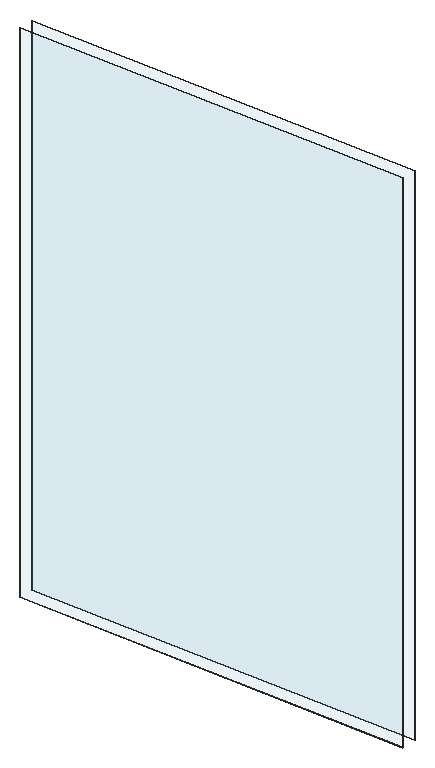
Revit family "ALSPEC Hunter Evo 150 Acoustic", category Curtain Panels, Revit 2017
Family settings
  OmniClass Number = 23.25.20.14.11.11.17
  OmniClass Title = Infill Panels
  Always vertical = Yes
  Cut with Voids When Loaded = No
  Shared = No
Parameters
  YEAR = "2019"
  VERSION = "2.0"
  TODAYS DATE = "05.02.2019"
  SINGLE GLAZED THICKNESS = 8 mm
  D = 4 mm
  CREATOR = " Scott Isouard"  # constant formula
  COMPANY = "Archvis"  # constant formula
  C = 20 mm
  Assembly Code = ""
  Analytic Construction = "<None>"
  ANZRC Compliant = yes
  A = if(SINGLE GLAZED THICKNESS > 14 mm, 14 mm, if(SINGLE GLAZED THICKNESS < 4 mm, 4 mm, SINGLE GLAZED THICKNESS))  # 8 mm
Reference planes
  plane 1 "Center (Front/Back)": y = 0
  plane 2: z = 0
  plane 3 "Center (Left/Right)": x = 0
  plane 4 "Left": x = -1500
  plane 5 "Right": x = 1500
  plane 6 "Top": z = 4000
  plane 7: z = -50
  plane 8: y = 10
  plane 9: y = -10
  plane 10: y = 2
  plane 11: y = -2
  plane 12: y = 76.2
  plane 13: y = -76.2
  plane 14: y = 57.5
  plane 15: y = -57.5
  plane 16: y = 61.5
  plane 17: y = 53.5
  plane 18: y = -53.5
  plane 19: y = -61.5
Forms (mm)
  Extrusion 1, solid, material "Glass"
    sketch origin (0, 0, 0) x (1, 0, 0) y (0, 1, 0)
      loop
        line (1500, 61.5) -> (-1500, 61.5) -> (-1500, 53.5) -> (1500, 53.5) -> (1500, 61.5)
      loop
        line (-1500, -53.5) -> (-1500, -61.5) -> (1500, -61.5) -> (1500, -53.5) -> (-1500, -53.5)
    from 0 to 4000
Text (mm)
  text "Exterior" at (-2351.972, 1416.179, 0), in view "Ref. Level"
  text "Exterior" at (0, 2290.741, 4406.713), in view "Left"
  text "Exterior" at (0, 1328.187, 4120.349), in view "Right"
Dimensions and locks
  equal spacing: plane 4 "Left", plane 3 "Center (Left/Right)", plane 5 "Right"
  locked: plane 7 to plane 2 at 50
  equal spacing: plane 9, plane 1 "Center (Front/Back)", plane 8
  "A": plane 10 to plane 8
  "A": plane 9 to plane 11
  plane 9 to plane 8 = 20 mm
  equal spacing: plane 13, plane 1 "Center (Front/Back)", plane 12
  plane 13 to plane 12 = 152.4 mm
  locked: plane 14 to plane 12 at 18.7
  locked: plane 13 to plane 15 at 18.7
  equal spacing: plane 17, plane 14, plane 16
  "A": plane 17 to plane 16
  equal spacing: plane 19, plane 15, plane 18
  "A": plane 19 to plane 18
  aligned and locked: Extrusion 1 to plane 6 "Top"
  aligned and locked: Extrusion 1 sketch curve to plane 16
  aligned and locked: Extrusion 1 sketch curve to plane 17
  aligned and locked: plane 4 "Left" to Extrusion 1 sketch curve
  aligned and locked: plane 5 "Right" to Extrusion 1 sketch curve
  aligned and locked: Extrusion 1 sketch curve to plane 19
  aligned and locked: plane 18 to Extrusion 1 sketch curve
Automatic sketch dimensions
  Extrusion 1 sketch curve to plane 4 "Left" = 0 mm
  Extrusion 1 sketch curve to plane 5 "Right" = 0 mm
